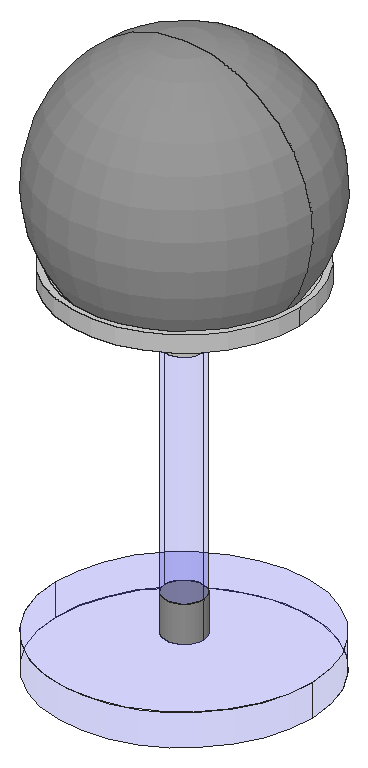
Revit family "wagenfeldlampe", category Leuchten, Revit 2023
Family settings
  Bemaßung runder Anschluss = Durchmesser verwenden
  Teiletyp = Normal
  Arbeitsebenenbasiert = Nein
  Immer vertikal = Ja
  Beim Laden mit Abzugskörper schneiden = Nein
  Lichtquelle = Ja
  Beschriftungsausrichtung beibehalten = Nein
  Gemeinsam genutzt = Nein
  Raumberechnungspunkt = Nein
Parameters (values of type "Wagenfeld")
  Vorgabe-Ansicht = 0 mm
  Radius Sockel = 80 mm
  Radius Schirm unten = 60 mm
  Radius Fuß = 12 mm
  R innen = 75 mm
  R aussen = R innen + 5 mm  # 80 mm
  Kommentare zu Wattzahl = "250"
  Wattage = 250 W
  built-in parameter 1150110 = 1 (stored number, unit not read)
  built-in parameter 1114217 = 1 (stored number, unit not read)
  built-in parameter 1150109 = 1 (stored number, unit not read)
  built-in parameter 1150134 = 3
  built-in parameter 1150113 = 1 (stored number, unit not read)
  Model = ""
  Manufacturer = ""
  Lumens = 4500 lm
  built-in parameter 1150115 = 1 (stored number, unit not read)
  built-in parameter 1150105 = 358.1 (stored number, unit not read)
  H = 360 mm
  Größe des Lichtquellensymbols = 300 mm
  built-in parameter 1150137 = (empty or 0)
  built-in parameter 1150139 = (empty or 0)
  built-in parameter 1150112 = 1 (stored number, unit not read)
  built-in parameter 1150114 = 1 (stored number, unit not read)
  Lampe = "Halogen"
  built-in parameter 1150132 = (empty or 0)
  Dicke Sockel = 20 mm
  built-in parameter 1150102 = (empty or 0)
  built-in parameter 1150138 = (empty or 0)
  built-in parameter 1150107 = 3200 (stored number, unit not read)
  built-in parameter 1150106 = 3.581 (stored number, unit not read)
  Glocke = Glas, weiß, hohe Luminanz
  built-in parameter 1150104 = 1.6723 (stored number, unit not read)
  Dimming Lamp Color Temperature Shift = (empty or 0)
  Description = ""
  Farbfilter = 16777215
  Standfuß = none
  built-in parameter 1114218 = 1 (stored number, unit not read)
  built-in parameter 1150133 = 10 (stored number, unit not read)
  Assembly Code = ""
Reference planes
  plane 1 "Lichtquellenachse (V/H)": y = 0
  plane 2 "unten": z = 0
  plane 3 "Lichtquellenachse (L/R)": x = 0
  plane 4 "Lichtquellenhöhe": z = 270
  plane 5: z = 270
  plane 6 "Sockel OK": z = 20
  plane 7 "Schirm UK": z = 220
  plane 8 "oben": z = 360
  plane 9: x = 186.22
  plane 10 "kante sockel": x = 80
  plane 11 "Metall unten": z = 42.115
  plane 12 "metall oben": z = 180.19
  plane 13 "Radius Fuß": x = 12
  plane 14 "Fuss OK": z = 210.19
Forms (mm)
  Revolve 1, solid, material "Glas, weiß, hohe Luminanz" <- "Glocke"
    sketch origin (0, 0, 0) x (1, 0, 0) y (0, 0, 1)
      loop
        line (0, 345) -> (0, 350)
        arc (0, 350) -> (-72.111, 304.641) -> (-62.45, 220) r 80
        line (-62.45, 220) -> (-55.902, 220)
        arc (-55.902, 220) -> (-68.465, 300.619) -> (0, 345) r 75
      axis (0, 350) -> (0, 220)
    angle from 0 to 360
  Sweep 2, solid, material "_Chrom"
    path origin (0, 0, 220) x (-1, 0, 0) y (0, -1, 0)
      loop
        circle (0, 0) r 60
    profile origin (0, -60, 220) x (0, 1, 0) y (0, 0, 1)
      loop
        line (-12.098, 6.25) -> (-12.098, -3.75) -> (5.402, -3.75) -> (5.402, 0) -> (-8.75, 0) -> (-8.75, 6.25) -> (-12.098, 6.25)
  Extrusion 3, solid, material "Glas"
    sketch origin (0, 0, 0) x (1, 0, 0) y (0, 1, 0)
      loop
        circle (0, 0) r 80
    from 0 to 20
  Extrusion 4, solid, material "Edelstahl, poliert"
    sketch origin (0, 0, 0) x (1, 0, 0) y (0, 1, 0)
      loop
        circle (0, 0) r 12
    from 20 to 42.115
  Extrusion 5, solid, material "Glas"
    sketch origin (0, 0, 60) x (1, 0, 0) y (0, 1, 0)
      loop
        circle (0, 0) r 12
    from -17.885 to 120.19
  Extrusion 6, solid, material "_Chrom"
    sketch origin (0, 0, 200) x (1, 0, 0) y (0, 1, 0)
      loop
        circle (0, 0) r 12
    from -19.81 to 10.19
Dimensions and locks
  "Dicke Sockel": plane 6 "Sockel OK" to plane 2 "unten"
  locked: plane 4 "Lichtquellenhöhe" to plane 7 "Schirm UK" at 50
  "H": plane 8 "oben" to plane 2 "unten"
  "Radius Sockel": plane 10 "kante sockel" to plane 3 "Lichtquellenachse (L/R)"
  "Radius Fuß": plane 13 "Radius Fuß" to plane 3 "Lichtquellenachse (L/R)"
  "R innen": radius of Revolve 1 sketch curve
  "R aussen": radius of Revolve 1 sketch curve
  "Radius Schirm unten": radius of Sweep 2 sketch curve
  "Radius Sockel": radius of Extrusion 3 sketch curve
  "Radius Fuß": radius of Extrusion 4 sketch curve
  "Radius Fuß": radius of Extrusion 5 sketch curve
  "Radius Fuß": radius of Extrusion 6 sketch curve
  aligned and locked: plane 3 "Lichtquellenachse (L/R)" to imposter light
  aligned and locked: plane 1 "Lichtquellenachse (V/H)" to imposter light
  aligned and locked: plane 4 "Lichtquellenhöhe" to imposter light
  aligned and locked: plane 2 "unten" to level
  aligned and locked: plane 4 "Lichtquellenhöhe" to plane 5
  aligned and locked: Revolve 1 sketch curve to plane 3 "Lichtquellenachse (L/R)"
  aligned and locked: Revolve 1 sketch curve to plane 7 "Schirm UK"
  aligned and locked: plane 6 "Sockel OK" to Extrusion 3
  aligned and locked: Extrusion 4 to plane 6 "Sockel OK"
  aligned and locked: plane 11 "Metall unten" to Extrusion 4
  aligned and locked: plane 14 "Fuss OK" to Extrusion 6
  aligned and locked: Extrusion 6 to plane 12 "metall oben"
  aligned and locked: plane 12 "metall oben" to Extrusion 5
  aligned and locked: Extrusion 5 to plane 11 "Metall unten"
  aligned and locked: plane 7 "Schirm UK" to Sweep 2 sketch curve
Automatic sketch dimensions
  Revolve 1 sketch curve to Revolve 1 sketch curve = 0 mm
  Revolve 1 sketch curve to plane 3 "Lichtquellenachse (L/R)" = 0 mm
  Revolve 1 sketch curve to plane 4 "Lichtquellenhöhe" = 0 mm
  Revolve 1 sketch curve to level = 271.696 mm
  Revolve 1 sketch curve to Revolve 1 sketch curve = 22.626 mm
  profile plane to Sweep 2 sketch curve = 12.098 mm
  Sweep 2 sketch curve to Sweep 2 sketch curve = 3.348 mm
  Sweep 2 sketch curve to plane 7 "Schirm UK" = 3.75 mm
  Sweep 2 sketch curve to profile plane = 5.402 mm
  plane 7 "Schirm UK" to Sweep 2 sketch curve = 6.25 mm
  plane 1 "Lichtquellenachse (V/H)" to Extrusion 3 sketch curve = 0 mm
  Extrusion 3 sketch curve to plane 3 "Lichtquellenachse (L/R)" = 0 mm
  plane 1 "Lichtquellenachse (V/H)" to Extrusion 4 sketch curve = 0 mm
  Extrusion 4 sketch curve to plane 3 "Lichtquellenachse (L/R)" = 0 mm
  plane 1 "Lichtquellenachse (V/H)" to Extrusion 5 sketch curve = 0 mm
  Extrusion 5 sketch curve to plane 3 "Lichtquellenachse (L/R)" = 0 mm
  plane 1 "Lichtquellenachse (V/H)" to Extrusion 6 sketch curve = 0 mm
  Extrusion 6 sketch curve to plane 3 "Lichtquellenachse (L/R)" = 0 mm
  plane 1 "Lichtquellenachse (V/H)" to Sweep 2 sketch curve = 0 mm
  Sweep 2 sketch curve to plane 3 "Lichtquellenachse (L/R)" = 0 mm
